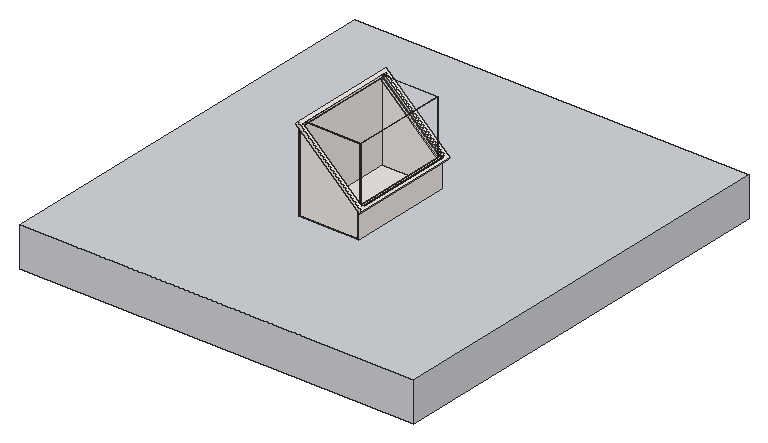
Revit family "Pathway_Cooper_Streetworks_WKP_Pak_Glass", category Lighting Fixtures, host Face, Revit 2015
Parameters
  Wiring Access Diameter = 0' - 0"
  Width = 0' - 10"  # constant formula
  Wattage Comments = "Wattage"
  Wattage = 16 W
  built-in parameter 1150110 = 1 (stored number, unit not read)
  Voltage = "Voltage"
  URL = "http://www.cooperlighting.com/"
  Supply Voltage = 0 V
  Series = "Series"
  Product data url = "https://bimobject.com/cooperlighting/product/cooperlighting-pathway_wkp_pak_glass"
  Options = Options : 1=Single Fuse (120, 277 or 347V)
  Number of Poles = 1
  No of Circuits = 0
  Model = "Model"
  Lamp = "Lamp"
  Housing Type = "Die cast aluminum"  # constant formula
  Emit from Circle Diameter = 2' - 0"
  Emit Shape Visible in Rendering = no
  Electrical Connector Description = ""
  Distribution = ""
  Diffusers/Shielding = ""
  Description = "Description"
  built-in parameter 1114217 = 1 (stored number, unit not read)
  Total Input Wattage = 0 W
  Tilt Angle = 90.00°
  built-in parameter 1150109 = 1 (stored number, unit not read)
  built-in parameter 1150134 = 3
  built-in parameter 1150113 = 1 (stored number, unit not read)
  Shipping Weight = 0 lbf
  Product Page URL = ""
  Product Documentation Link = ""
  Power Factor = 0
  Photometric Web File = "File"
  Packaging = "Unit Pack"
  Manufacturer = "Cooper Industries, Inc."  # constant formula
  built-in parameter 1150105 = 189.13 (stored number, unit not read)
  Lumens = 2376.67 lm
  built-in parameter 1150115 = 1 (stored number, unit not read)
  built-in parameter 1150137 = (empty or 0)
  built-in parameter 1150139 = (empty or 0)
  Light Bulb Material = Metal - Cooper Industries - Aluminum - White
  Length = 1' - 4 5/8"  # constant formula
  built-in parameter 1150112 = 1 (stored number, unit not read)
  Lamp Quantity = 1  # constant formula
  built-in parameter 1150114 = 1 (stored number, unit not read)
  built-in parameter 1150132 = (empty or 0)
  built-in parameter 1150102 = (empty or 0)
  built-in parameter 1150107 = 3200 (stored number, unit not read)
  built-in parameter 1150138 = (empty or 0)
  built-in parameter 1150106 = 1.8913 (stored number, unit not read)
  Has Biaxial Bulb = yes
  Frame Material = Metal - Cooper Industries - Steel - White
  Efficiency = ""
  built-in parameter 1150104 = 13.8 (stored number, unit not read)
  Dimming Lamp Color Temperature Shift = <None>
  Diffuser Material = Metal - Cooper Industries - Aluminum - White
  Depth = 1' - 0 3/4"  # constant formula
  Default Elevation = 0' - 0"
  Copyright © = "© 2000-2010 Cooper Industries, Inc."  # constant formula
  Color Filter = 16777215
  Catalog Number = ""
  Bulb Biaxial Angle = 0.00°
  Ballast Voltage = Supply Voltage  # 0 V
  Ballast Type = ""
  Ballast Quantity = 0
  built-in parameter 1114218 = 1 (stored number, unit not read)
  Ballast Configuration = ""
  built-in parameter 1150133 = 10 (stored number, unit not read)
  Assembly Code = "D5020210"
  Apparent Load = Total Input Wattage  # 0 VA
Reference planes (in)
  plane 1 "Center (Front/Back)": y = 0
  plane 2 "Host Face": z = 0
  plane 3 "Center (Left/Right)": x = 0
  plane 4 "Left": x = -5
  plane 5 "Front": y = -8.3125
  plane 6 "Right": x = 5
  plane 7 "Back": y = 8.3125
  plane 8: z = 12.75
  plane 9: z = 12.5
  plane 10: z = 3
  plane 11: y = 7.875
  plane 12: y = -7.875
  plane 13: y = -7.775
  plane 14: y = 7.775
  plane 15 "Face": through (-5, -180, 12.75) normal (0.6691, 0, 0.7431)
Forms (in)
  Extrusion 1, solid
    sketch origin (0, 0, 0) x (1, 0, 0) y (0, 1, 0)
      loop
        line (-29, 33.25) -> (-29, -30.23967) -> (30.86026, -30.23967) -> (30.86026, 33.25) -> (-29, 33.25)
    from 0 to -6
  Sweep 2, solid, material "Metal - Cooper Industries - Steel - White" <- "Frame Material"
    path origin (0, 0, 0) x (1, 0, 0) y (0, 1, 0)
      loop
        line (0, -7.875) -> (0, 7.875)
    profile origin (0, 0, 0) x (-1, 0, 0) y (0, 0, 1)
      loop
        line (4.5625, 0) -> (4.5625, 12.35607) -> (4.46094, 12.26463) -> (4.46094, 0.10156) -> (-4.46094, 0.10156) -> (-4.46094, 4.23133) -> (-4.5625, 4.13989) -> (-4.5625, 0) -> (4.5625, 0)
  Sweep 3, solid, material "Metal - Cooper Industries - Steel - White" <- "Frame Material"
    path origin (0, 0, 0) x (1, 0, 0) y (0, 1, 0)
      loop
        line (0, 7.775) -> (0, 7.875)
    profile origin (0, 7.825, 0) x (-1, 0, 0) y (0, 0, 1)
      loop
        line (4.46094, 12.26463) -> (-4.46094, 4.23133) -> (-4.46094, 0.10156) -> (4.46094, 0.10156) -> (4.46094, 12.26463)
  Sweep 4, solid, material "Metal - Cooper Industries - Aluminum - White" <- "Diffuser Material"
    path origin (0, 0, 0) x (1, 0, 0) y (0, 1, 0)
      loop
        line (0, -7.375) -> (0, 7.375)
    profile origin (0, 0, 0) x (-1, 0, 0) y (0, 0, 1)
      loop
        line (3.92846, 12.75) -> (-4.46094, 12.75) -> (-4.46094, 4.23133) -> (-4.36094, 4.32137) -> (-4.36094, 12.65) -> (3.97298, 12.65) -> (3.92846, 12.75)
  Sweep 5, solid, material "Metal - Cooper Industries - Aluminum - White" <- "Diffuser Material"
    path origin (0, 0, 0) x (1, 0, 0) y (0, 1, 0)
      loop
        line (0, -7.375) -> (0, -7.24044)
    profile origin (0, -7.30772, 0) x (-1, 0, 0) y (0, 0, 1)
      loop
        line (3.92846, 12.75) -> (-4.46094, 12.75) -> (-4.46094, 4.23133) -> (4.2351, 12.06128) -> (3.92846, 12.75)
  Sweep 6, solid, material "Metal - Cooper Industries - Aluminum - White" <- "Diffuser Material"
    path origin (0, 0, 0) x (1, 0, 0) y (0, -1, 0)
      loop
        line (0, -7.375) -> (0, -7.24044)
    profile origin (0, 7.30772, 0) x (1, 0, 0) y (0, 0, 1)
      loop
        line (-3.92846, 12.75) -> (-4.2351, 12.06128) -> (4.46094, 4.23133) -> (4.46094, 12.75) -> (-3.92846, 12.75)
  Sweep 7, solid, material "Metal - Cooper Industries - Steel - White" <- "Frame Material"
    path origin (4.1014, 0, 4.55506) x (-0.743145, 0, 0.669131) y (0, -1, 0)
      loop
        line (11.45083, -7.875) -> (11.45083, 7.875) -> (-0.62047, 7.875) -> (-0.62047, -7.875) -> (11.45083, -7.875)
    profile "Family1 : Family1" origin (-4.40823, 0, 12.21716) x (0.743145, 0, -0.669131) y (0.669131, 0, 0.743145)
      loop
        line (0, 0.65973) -> (-0.5, 0.65973) -> (-0.5, 0.17319) -> (-0.06744, 0.17319) -> (-0.06744, 0) -> (0, 0) -> (0.20341, 0.30855) -> (0.20341, 0.41972) -> (0, 0.65973)
  Sweep 8, solid, material "Metal - Cooper Industries - Steel - White" <- "Frame Material"
    path origin (0, 0, 0) x (1, 0, 0) y (0, -1, 0)
      loop
        line (0, 7.775) -> (0, 7.875)
    profile origin (0, -7.825, 0) x (1, 0, 0) y (0, 0, 1)
      loop
        line (-4.46094, 12.26463) -> (-4.46094, 0.10156) -> (4.46094, 0.10156) -> (4.46094, 4.23133) -> (-4.46094, 12.26463)
Cuts and joins
  joined: Sweep 2, Sweep 3
Dimensions and locks (in)
  "Width": plane 4 "Left" to plane 6 "Right"
  "Length": plane 5 "Front" to plane 7 "Back"
  equal spacing: plane 5 "Front", plane 1 "Center (Front/Back)", plane 7 "Back"
  equal spacing: plane 4 "Left", plane 3 "Center (Left/Right)", plane 6 "Right"
  "Depth": plane 8 to plane 2 "Host Face"
  locked: plane 8 to plane 9 at 0.25
  locked: plane 10 to plane 2 "Host Face" at 3
  locked: plane 11 to plane 7 "Back" at 0.4375
  locked: plane 12 to plane 5 "Front" at 0.4375
  locked: plane 13 to plane 12 at 0.1
  locked: plane 14 to plane 11 at 0.1
  aligned and locked: plane 2 "Host Face" to Extrusion 1
  aligned and locked: level to Extrusion 1
  aligned: imposter light to plane 1 "Center (Front/Back)"
  aligned and locked: imposter light to plane 1 "Center (Front/Back)"
  aligned: imposter light to plane 3 "Center (Left/Right)"  (x2)
  aligned and locked: imposter light to plane 8
  aligned and locked: imposter light to plane 3 "Center (Left/Right)"
  aligned and locked: plane 12 to Sweep 2 sketch curve
  aligned and locked: plane 11 to Sweep 2 sketch curve
  aligned and locked: plane 11 to Sweep 3 sketch curve
  aligned and locked: plane 3 "Center (Left/Right)" to Sweep 3 sketch curve
  aligned and locked: Sweep 3 sketch curve to Sweep 2  (x3)
  aligned and locked: plane 3 "Center (Left/Right)" to Sweep 4 sketch curve
  aligned and locked: Sweep 4 sketch curve to plane 8
  aligned and locked: plane 8 to Sweep 5 sketch curve
  aligned and locked: Sweep 5 sketch curve to Sweep 4
  aligned and locked: plane 15 "Face" to Sweep 2 sketch curve
  aligned and locked: plane 15 "Face" to Sweep 5 sketch curve
  aligned and locked: Sweep 6 sketch curve to plane 15 "Face"
  aligned and locked: Sweep 4 sketch curve to plane 15 "Face"
Automatic sketch dimensions
  Extrusion 1 sketch curve to Extrusion 1 sketch curve = 4' - 11.86026"
  Extrusion 1 sketch curve to Extrusion 1 sketch curve = 5' - 3.48967"
  Sweep 2 sketch curve to plane 3 "Center (Left/Right)" = 0' - 0"
  plane 11 to Sweep 2 sketch curve = 0' - 0"
  Sweep 2 sketch curve to level = 0' - 0"
  profile plane to Sweep 2 sketch curve = 0' - 4 9/16"
  Sweep 2 sketch curve to Sweep 2 sketch curve = 0' - 0 13/128"  (x2)
  Sweep 2 sketch curve to profile plane = 0' - 4 59/128"
  level to Sweep 2 sketch curve = 0' - 0 13/128"
  Sweep 2 sketch curve to Sweep 2 sketch curve = 0' - 4.03832"
  Sweep 2 sketch curve to Sweep 2 sketch curve = 0' - 0.09145"
  plane 14 to Sweep 3 sketch curve = 0' - 0"
  Sweep 3 sketch curve to Sweep 3 sketch curve = 0' - 4.12977"
  Sweep 3 sketch curve to Sweep 3 sketch curve = 0' - 8.03329"
  plane 13 to Sweep 4 sketch curve = 0' - 0.4"
  plane 14 to Sweep 4 sketch curve = 0' - 0.4"
  Sweep 5 sketch curve to plane 3 "Center (Left/Right)" = 0' - 0"
  plane 13 to Sweep 5 sketch curve = 0' - 0.4"
  Sweep 5 sketch curve to Sweep 5 sketch curve = 0' - 0.13456"
  Sweep 5 sketch curve to profile plane = 0' - 3.92846"
  Sweep 5 sketch curve to Sweep 5 sketch curve = 0' - 0.30664"
  Sweep 6 sketch curve to plane 3 "Center (Left/Right)" = 0' - 0"
  Sweep 6 sketch curve to plane 14 = 0' - 0.4"
  Sweep 6 sketch curve to Sweep 6 sketch curve = 0' - 0.13456"
  profile plane to Sweep 6 sketch curve = 0' - 4.2351"
  Sweep 6 sketch curve to Sweep 6 sketch curve = 0' - 0.30664"
  Sweep 6 sketch curve to Sweep 6 sketch curve = 0' - 0.68872"
  plane 11 to Sweep 7 sketch curve = 0' - 0"
  Sweep 7 sketch curve to plane 12 = 0' - 0"
  Sweep 7 sketch curve to Sweep 7 sketch curve = 1' - 0.0713"
  Sweep 8 sketch curve to plane 3 "Center (Left/Right)" = 0' - 0"
  Sweep 8 sketch curve to plane 13 = 0' - 0"
  Sweep 8 sketch curve to plane 12 = 0' - 0"
  level to Sweep 8 sketch curve = 0' - 0 13/128"
  profile plane to Sweep 8 sketch curve = 0' - 4 59/128"
  Sweep 8 sketch curve to profile plane = 0' - 4 59/128"
  Sweep 8 sketch curve to Sweep 8 sketch curve = 0' - 4.12977"
  Sweep 8 sketch curve to Sweep 8 sketch curve = 0' - 8.03329"
  Sweep 4 sketch curve to profile plane = 0' - 3.92846"
  Sweep 4 sketch curve to Sweep 4 sketch curve = 0' - 0.04452"
  Sweep 4 sketch curve to Sweep 4 sketch curve = 0' - 0.1"
  level to Sweep 4 sketch curve = 0' - 4.32137"
  Sweep 4 sketch curve to Sweep 4 sketch curve = 0' - 0.09004"
  level to Sweep 6 sketch curve = 0' - 4.23133"
Connectors (in)
  electrical at (0, 0, 0), driven by "Power Factor", driven by "Apparent Load", driven by "Supply Voltage", driven by "Number of Poles", driven by "Electrical Connector Description"
    settings: index 1, voltage 0 V, apparent load 0 VA, apparent load phase1 0 VA, apparent load phase2 0 VA, apparent load phase3 0 VA, power factor 0, load classification "Lighting", number of poles 1, system type 30, power factor state 1, is connector primary yes, connector utility no, sub classification motor no, connector description ""
